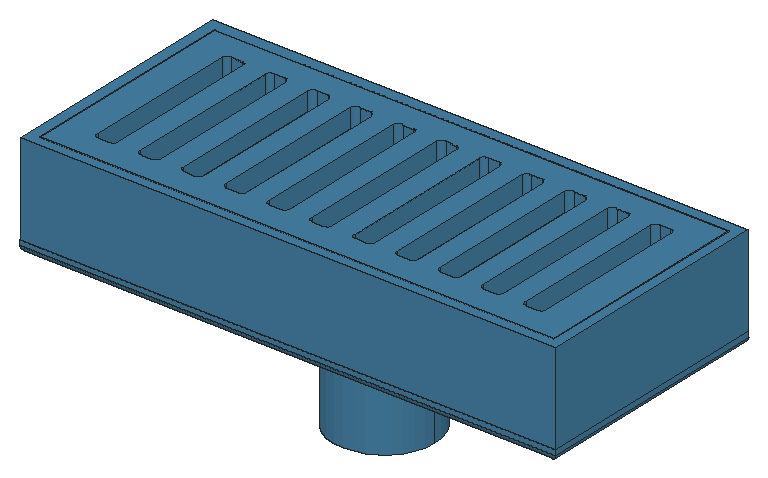
Revit family "Drain_Gutter_Zurn-Z575-Medium-Duty", category Plumbing Fixtures, Revit 2022
Family settings
  Round Connector Dimension = Use Radius
  Part Type = Normal
  OmniClass Number = 23.70.50.21.24.14
  OmniClass Title = Deck Waste Water Drains
  Work Plane-Based = No
  Always vertical = Yes
  Cut with Voids When Loaded = No
  Maintain Annotation Orientation = No
  Shared = No
  Room Calculation Point = No
Parameters (values of type "Laod Family Catalog")
  ZB/ZN Top = no
  ZB/ZN = 0.000"
  Z1040-Adaptor Height = 0.000"
  Waste Connection = 1 = 1  # yes
  WFU = 1  # constant formula
  Vent Connection = 1 = 0  # no
  URL = "www.zurn.com"
  Type Comments = ""
  Thread length = 0.000"
  Product data url = "https://www.bimobject.com/en-in/zurnindustries/product/z575"
  Product Page URL = "https://www.zurn.com/products/drainage-interceptors/floor-drains/area-drains/z575"
  Product Documentation Link = "https://files.zurn.com/spec-sheets/58956.pdf"
  A_ Pipe Size (Nominal Radius) = [A_ Pipe Size (Nominal Diameter)] / 2  # 1.000"
  A_ Pipe Size (Nominal Diameter) = 2.000"
  A_ Pipe Size (Inner Diameter) = 2.067"
  A_ Pipe Size (Outer Diameter) = 2.375"
  Modified Date = "11/20/25"  # constant formula
  Model = "Z575"  # constant formula
  Manufacurer Brand = "Zurn"  # constant formula
  Manufacturer = "Zurn Water, LLC"  # constant formula
  Main Material = Iron - Zurn - Cast - Painted - Blue
  HWFU = 0  # constant formula
  HW Connection = 1 = 0  # no
  Grate Open Area (Sq. In.) = 24.00 SF
  Grate Material = Iron - Zurn - Cast - Painted - Blue
  Description = "6 X 12 [152 X 305] MEDIUM-DUTY GUTTER DRAIN"  # constant formula
  Default Elevation = 2.000"  # constant formula
  Date Created = "03/15/2023"  # constant formula
  CWFU = 0  # constant formula
  CW Connection = 1 = 0  # no
  Body Height 'E' = 5.000"
  Assembly Code = "D2030300"
  Approx. Weight (Lbs) = 18.000"
  Actual Body Height 'E' = Body Height 'E' + [ZB/ZN] + [Z1040-Adaptor Height] - Thread length  # 5.000"
Reference planes (in)
  plane 1 "Center (Front/Back)": y = 0
  plane 2: z = 0
  plane 3 "Center (Left/Right)": x = 0
  plane 4: y = 2.8125
  plane 5: y = -2.8125
  plane 6: x = 6
  plane 7: x = -6
  plane 8: z = -5
  plane 9: y = 2.5625
  plane 10: y = -2.5625
  plane 11: z = 0
  plane 12 "bottom outlet": x = 6.25
  plane 13: x = -6.25
  plane 14: z = -2.625
  plane 15: x = -1.1875
  plane 16: x = 1.1875
  plane 17: y = 1.1875
  plane 18: y = -1.1875
  plane 19: z = -2.125
  plane 20: z = 0
  plane 21: z = -0.1875
Forms (in)
  Extrusion 1, solid, material "Iron - Zurn - Cast - Painted - Blue" <- "Main Material", detail levels fine
    sketch origin (0, 0, 0) x (1, 0, 0) y (0, 1, 0)
      loop
        line (-6, 2.5625) -> (-6, -2.5625) -> (6, -2.5625) -> (6, 2.5625) -> (-6, 2.5625)
      loop
        line (-6.25, 2.8125) -> (-6.25, -2.8125) -> (6.25, -2.8125) -> (6.25, 2.8125) -> (-6.25, 2.8125)
    from 0 to -2.125
  Extrusion 2, solid, material "Iron - Zurn - Cast - Painted - Blue" <- "Main Material", detail levels fine
    sketch origin (0, 0, 0) x (1, 0, 0) y (0, 1, 0)
      loop
        circle (0, 0) r 1.1875
      loop
        circle (0, 0) r 1.0335
    from -5 to -2.125
  Extrusion 3, solid, material "Iron - Zurn - Cast - Painted - Blue" <- "Main Material", detail levels fine
    sketch origin (0, 0, 0) x (1, 0, 0) y (0, 1, 0)
      loop
        line (-6.25, 2.8125) -> (-6.25, -2.8125) -> (6.25, -2.8125) -> (6.25, 2.8125) -> (-6.25, 2.8125)
      loop
        circle (0, 0) r 1.0335
    from -2.625 to -2.125
  Sweep 4, void
    path in 3D
      loop
        line (-6.25, 2.8125, 0) -> (-6.25, -2.8125, 0) -> (6.25, -2.8125, 0) -> (6.25, 2.8125, 0) -> (-6.25, 2.8125, 0)
    profile origin (0, 2.8125, 0) x (0, -1, 0) y (0, 0, 1)
      loop
        line (0, -2.625) -> (1, -2.625) -> (0.1085525, -2.3861374)
        arc (0.1085525, -2.3861374) -> (0.0304603, -2.3370589) -> (0, -2.25) r 0.1396422
        line (0, -2.25) -> (0, -2.625)
  Extrusion 5, solid, material "Iron - Zurn - Cast - Painted - Blue" <- "Grate Material", visible <- "ZB/ZN Top", detail levels fine
    sketch origin (0, 0, 0) x (1, 0, 0) y (0, 1, 0)
      loop
        line (-6.25, 2.8125) -> (-6.25, -2.8125) -> (6.25, -2.8125) -> (6.25, 2.8125) -> (-6.25, 2.8125)
      loop
        line (-6, 2.5625) -> (-6, -2.5625) -> (6, -2.5625) -> (6, 2.5625) -> (-6, 2.5625)
    from -0.1875 to 0
Cuts and joins
  Sweep 4 cuts Extrusion 3
Lines and regions (in)
  Masking region 1, detail levels fine
    outline origin (0, 0, 0) x (1, 0, 0) y (0, 1, 0)
      loop
        line (-6.25, 2.8125) -> (-6.25, -2.8125) -> (6.25, -2.8125) -> (6.25, 2.8125) -> (-6.25, 2.8125)
  model lines, detail levels coarse+medium
    curve 1: line (-1.1875, 0, -5) -> (1.1875, 0, -5)
    curve 2: line (0, 0, 0) -> (0, 0, -5)
    curve 3: line (-6, 2.5625, 0) -> (6, 2.5625, 0)
    curve 4: line (-6, -2.5625, 0) -> (-6, 2.5625, 0)
    curve 5: line (6, -2.5625, 0) -> (-6, -2.5625, 0)
    curve 6: line (6, 2.5625, 0) -> (6, -2.5625, 0)
    curve 7: line (0, 1.1875, -5) -> (0, -1.1875, -5)
    curve 8: line (-4.5, 2.5625, 0) -> (-4.5, -2.5625, 0)
    curve 9: line (-3, -2.5625, 0) -> (-3, 2.5625, 0)
    curve 10: line (-1.5, 2.5625, 0) -> (-1.5, -2.5625, 0)
    curve 11: line (1.5, -2.5625, 0) -> (1.5, 2.5625, 0)
    curve 12: line (3, 2.5625, 0) -> (3, -2.5625, 0)
    curve 13: line (4.5, -2.5625, 0) -> (4.5, 2.5625, 0)
    curve 14: line (0, 2.5625, 0) -> (0, -2.5625, 0)
    curve 15: line (-6.25, 2.8125, 0) -> (6.25, 2.8125, 0)
    curve 16: line (-6.25, -2.8125, 0) -> (-6.25, 2.8125, 0)
    curve 17: line (6.25, -2.8125, 0) -> (-6.25, -2.8125, 0)
    curve 18: line (6.25, 2.8125, 0) -> (6.25, -2.8125, 0)
  symbolic lines, detail levels coarse+medium
    curve 19: line (-6, 2.5625, 0) -> (6, 2.5625, 0)
    curve 20: line (-6, -2.5625, 0) -> (-6, 2.5625, 0)
    curve 21: line (6, -2.5625, 0) -> (-6, -2.5625, 0)
    curve 22: line (6, 2.5625, 0) -> (6, -2.5625, 0)
  sketch lines
    curve 23: line (6.25, 2.8125, 0) -> (-6.25, 2.8125, 0)
    curve 24: line (-6.25, 2.8125, 0) -> (-6.25, -2.8125, 0)
    curve 25: line (-6.25, -2.8125, 0) -> (6.25, -2.8125, 0)
    curve 26: line (6.25, -2.8125, 0) -> (6.25, 2.8125, 0)
Dimensions and locks (in)
  locked: plane 13 to plane 7 at 0.25
  plane 6 to plane 12 "bottom outlet" = 0.250"
  locked: plane 9 to plane 4 at 0.25
  locked: plane 5 to plane 10 at 0.25
  "Actual Body Height 'E'": level to plane 8
  level to plane 8 = 5.000"
  equal spacing: plane 15, plane 3 "Center (Left/Right)", plane 16
  "A_ Pipe Size (Outer Diameter)": plane 15 to plane 16
  equal spacing: plane 17, plane 1 "Center (Front/Back)", plane 18
  "A_ Pipe Size (Outer Diameter)": plane 17 to plane 18
  equal spacing: plane 7, curve 8, curve 9, curve 10, curve 14, curve 11, curve 12, curve 13, plane 6
  plane 13 to plane 12 "bottom outlet" = 12.500"
  equal spacing: plane 13, plane 3 "Center (Left/Right)", plane 12 "bottom outlet", locked at 6.25 each
  equal spacing: plane 5, plane 1 "Center (Front/Back)", plane 4
  locked: plane 5 to plane 4 at 5.625
  locked: plane 6 to plane 12 "bottom outlet" at 0.25
  locked: plane 19 to plane 14 at 0.5
  locked: plane 4 to Sweep 4 sketch curve at 1
  locked: plane 14 to Sweep 4 sketch curve at 0.375
  locked: plane 11 to plane 14 at 2.625
  locked: level to plane 21 at 0.1875
  "ZB/ZN": level to plane 11
  "A_ Pipe Size (Outer Diameter)": diameter of Extrusion 2 sketch curve
  "A_ Pipe Size (Inner Diameter)": diameter of Extrusion 2 sketch curve
  radius of Sweep 4 sketch curve = 0.13964"
  "A_ Pipe Size (Inner Diameter)": diameter of Extrusion 3 sketch curve
  angle Extrusion 3 to Sweep 4 sketch curve = 165.00°
  aligned and locked: plane 2 to level
  aligned and locked: plane 9 to Extrusion 1 sketch curve
  aligned and locked: plane 7 to Extrusion 1 sketch curve
  aligned and locked: Extrusion 1 sketch curve to plane 10
  aligned and locked: Extrusion 1 sketch curve to plane 6
  aligned and locked: plane 4 to Extrusion 1 sketch curve
  aligned and locked: Extrusion 1 sketch curve to plane 12 "bottom outlet"
  aligned and locked: Extrusion 1 sketch curve to plane 5
  aligned and locked: plane 13 to Extrusion 1 sketch curve
  aligned and locked: plane 3 "Center (Left/Right)" to Extrusion 2 sketch curve  (x2)
  aligned and locked: plane 1 "Center (Front/Back)" to Extrusion 2 sketch curve  (x2)
  aligned and locked: Extrusion 2 to plane 8
  aligned and locked: curve 1 to plane 15
  aligned and locked: plane 16 to curve 1
  aligned and locked: curve 1 to plane 8
  aligned and locked: plane 8 to curve 2
  aligned and locked: level to curve 2
  aligned and locked: curve 2 to plane 3 "Center (Left/Right)"
  aligned and locked: plane 7 to curve 4
  aligned and locked: curve 6 to plane 6
  aligned and locked: curve 5 to plane 10
  aligned and locked: plane 9 to curve 3
  aligned and locked: plane 17 to curve 7
  aligned and locked: curve 7 to plane 18
  aligned and locked: curve 7 to plane 8
  aligned and locked: plane 9 to curve 8
  aligned and locked: plane 10 to curve 12
  aligned and locked: curve 18 to plane 12 "bottom outlet"
  aligned and locked: curve 17 to plane 5
  aligned and locked: plane 4 to curve 15
  aligned and locked: plane 13 to curve 16
  aligned and locked: level to nested 1
  aligned and locked: plane 1 "Center (Front/Back)" to nested 1
  aligned and locked: plane 3 "Center (Left/Right)" to nested 1
  aligned and locked: plane 4 to Extrusion 3 sketch curve
  aligned and locked: plane 13 to Extrusion 3 sketch curve
  aligned and locked: Extrusion 3 sketch curve to plane 12 "bottom outlet"
  aligned and locked: Extrusion 3 sketch curve to plane 5
  aligned and locked: plane 19 to Extrusion 3
  aligned and locked: Extrusion 1 to plane 19
  aligned and locked: plane 4 to Sweep 4 sketch curve
  aligned and locked: plane 14 to Sweep 4 sketch curve
  aligned and locked: plane 14 to Extrusion 3
  aligned and locked: plane 13 to Extrusion 5 sketch curve
  aligned and locked: Extrusion 5 sketch curve to plane 12 "bottom outlet"
  aligned and locked: plane 4 to Extrusion 5 sketch curve
  aligned and locked: Extrusion 5 sketch curve to plane 5
  aligned and locked: Extrusion 5 sketch curve to plane 10
  aligned and locked: Extrusion 5 sketch curve to plane 6
  aligned and locked: plane 9 to Extrusion 5 sketch curve
  aligned and locked: plane 7 to Extrusion 5 sketch curve
  aligned and locked: plane 20 to Extrusion 5
  aligned and locked: Extrusion 2 to Extrusion 1
  aligned and locked: plane 3 "Center (Left/Right)" to Extrusion 3 sketch curve
  aligned and locked: plane 1 "Center (Front/Back)" to Extrusion 3 sketch curve
  aligned and locked: level to Extrusion 5
  aligned and locked: Extrusion 5 to plane 21
  aligned and locked: plane 11 to Extrusion 1
  aligned and locked: Masking region 1 sketch curve to plane 12 "bottom outlet"
  aligned and locked: plane 13 to Masking region 1 sketch curve
  aligned and locked: plane 4 to Masking region 1 sketch curve
  aligned and locked: Masking region 1 sketch curve to plane 5
Nested families (in)
  nested 1: "Z575-Grate" at (0, 0, 0), Main Material <- "Grate Material", type "Z664-2IC", detail levels fine
    with Main Material Iron - Zurn - Cast - Painted - Blue
Connectors (in)
  piping at (0, 0, -5), diameter 2, driven by "A_ Pipe Size (Nominal Radius)", driven by "Waste Connection"
    settings: on Extrusion 2, index 1, connector inside diameter 24", connector length 0.000", flow factor 0, pipe flow 0 GPM, pressure drop 0.00 psi, fitting loss kfactor 0, connector angle 0.00°, fixture units 0, engagement length 0.000", angle of deflection 0.00°, flow configuration 0, flow direction 2, fitting loss method 0, system type 16, joint type 0, gender type 0, connector reference index -1, connector utility 1, adjustable connector no, is connector primary yes, connector description "Sanitary Outlet"
Definition of nested family "Z575-Grate"
  Parameters (values of type "Z664-4IC")
    Waste Connection = 1 = 1  # yes
    WFU = 1  # constant formula
    Vent Connection = 1 = 0  # no
    URL = "www.zurn.com"
    Product data url = "https://www.zurn.com/products/drainage-interceptors/floor-drains/cast-iron-trench-drains/z664"
    Product Page URL = "https://www.zurn.com/products/drainage-interceptors/floor-drains/cast-iron-trench-drains/z664"
    Product Installation Sheet URL = "https://files.zurn.com/care-cleaning-install-warranty-sheets/fd22-(1).pdf"
    Product Documentation Link = "https://files.zurn.com/spec-sheets/z664.pdf"
    Outlet nominal radius = Outlet nominal diameter / 2  # 2.000"
    Outlet nominal diameter = 4.000"
    Outlet minnor diameter = 4.026"
    Outlet major diameter = 4.500"
    Modified Date = "07/28/25"  # constant formula
    Model = "Z664"  # constant formula
    Manufacurer Brand = "Zurn"  # constant formula
    Manufacturer = "Zurn Water, LLC"  # constant formula
    Main Material [instance] = none
    HWFU = 0  # constant formula
    HW Connection = 1 = 0  # no
    Grate Open Area (Sq. In.) = 14.00 SF
    Description = "6 [152] WIDE MODULAR TRENCH DRAIN HEAVY-DUTY"  # constant formula
    Default Elevation = 2.000"  # constant formula
    Date Created = "21/01/16"  # constant formula
    CWFU = 0  # constant formula
    CW Connection = 1 = 0  # no
    Body Height 'E" = 9.125"
    Assembly Code = "D2020.30"
    Approx. Weight (Lbs) = 35.000"
  Types (3): name | Outlet nominal radius | Outlet nominal diameter | Outlet minnor diameter | Outlet major diameter | Grate Open Area (Sq. In.)
    Z664-2IC | 1.000" | 2.000" | 2.067" | 2.375" | 0.00 SF
    Z664-3IC | 1.500" | 3.000" | 3.068" | 3.500" | 0.00 SF
    Z664-4IC | 2.000" | 4.000" | 4.026" | 4.500" | 14.00 SF
  Reference planes (in)
    plane 1 "Center (Front/Back)": y = 0
    plane 2: z = 0
    plane 3 "Center (Left/Right)": x = 0
    plane 4: x = 6
    plane 5: x = -6
    plane 6: y = 2.5625
    plane 7: y = -2.5625
    plane 8: z = -0.4375
    plane 9: z = 0
    plane 10: y = 1.9375
    plane 11: y = -1.9375
  Forms (in)
    Extrusion 1, solid, material <- "Main Material"
      sketch origin (0, 0, 0) x (1, 0, 0) y (0, 1, 0)
        loop
          line (-6, 2.5625) -> (-6, -2.5625) -> (6, -2.5625) -> (6, 2.5625) -> (-6, 2.5625)
      from 0 to -0.4375
    Extrusion 2, void
      sketch origin (0, 0, 0) x (1, 0, 0) y (0, 1, 0)
        loop
          arc (-5.125, 1.9375) -> (-5.2133883, 1.9008883) -> (-5.25, 1.8125) r 0.125
          line (-5.25, 1.8125) -> (-5.25, -1.8125)
          arc (-5.25, -1.8125) -> (-5.2133883, -1.9008883) -> (-5.125, -1.9375) r 0.125
          line (-5.125, -1.9375) -> (-4.875, -1.9375)
          arc (-4.875, -1.9375) -> (-4.7866117, -1.9008883) -> (-4.75, -1.8125) r 0.125
          line (-4.75, -1.8125) -> (-4.75, 1.8125)
          arc (-4.75, 1.8125) -> (-4.7866117, 1.9008883) -> (-4.875, 1.9375) r 0.125
          line (-4.875, 1.9375) -> (-5.125, 1.9375)
      from 0 to -0.4375
    Extrusion 3, void
      sketch origin (1, 0, 0) x (1, 0, 0) y (0, 1, 0)
        loop
          arc (-5.125, 1.9375) -> (-5.2133883, 1.9008883) -> (-5.25, 1.8125) r 0.125
          line (-5.25, 1.8125) -> (-5.25, -1.8125)
          arc (-5.25, -1.8125) -> (-5.2133883, -1.9008883) -> (-5.125, -1.9375) r 0.125
          line (-5.125, -1.9375) -> (-4.875, -1.9375)
          arc (-4.875, -1.9375) -> (-4.7866117, -1.9008883) -> (-4.75, -1.8125) r 0.125
          line (-4.75, -1.8125) -> (-4.75, 1.8125)
          arc (-4.75, 1.8125) -> (-4.7866117, 1.9008883) -> (-4.875, 1.9375) r 0.125
          line (-4.875, 1.9375) -> (-5.125, 1.9375)
      from 0 to -0.4375
    Extrusion 4, void
      sketch origin (2, 0, 0) x (1, 0, 0) y (0, 1, 0)
        loop
          arc (-5.125, 1.9375) -> (-5.2133883, 1.9008883) -> (-5.25, 1.8125) r 0.125
          line (-5.25, 1.8125) -> (-5.25, -1.8125)
          arc (-5.25, -1.8125) -> (-5.2133883, -1.9008883) -> (-5.125, -1.9375) r 0.125
          line (-5.125, -1.9375) -> (-4.875, -1.9375)
          arc (-4.875, -1.9375) -> (-4.7866117, -1.9008883) -> (-4.75, -1.8125) r 0.125
          line (-4.75, -1.8125) -> (-4.75, 1.8125)
          arc (-4.75, 1.8125) -> (-4.7866117, 1.9008883) -> (-4.875, 1.9375) r 0.125
          line (-4.875, 1.9375) -> (-5.125, 1.9375)
      from 0 to -0.4375
    Extrusion 5, void
      sketch origin (3, 0, 0) x (1, 0, 0) y (0, 1, 0)
        loop
          arc (-5.125, 1.9375) -> (-5.2133883, 1.9008883) -> (-5.25, 1.8125) r 0.125
          line (-5.25, 1.8125) -> (-5.25, -1.8125)
          arc (-5.25, -1.8125) -> (-5.2133883, -1.9008883) -> (-5.125, -1.9375) r 0.125
          line (-5.125, -1.9375) -> (-4.875, -1.9375)
          arc (-4.875, -1.9375) -> (-4.7866117, -1.9008883) -> (-4.75, -1.8125) r 0.125
          line (-4.75, -1.8125) -> (-4.75, 1.8125)
          arc (-4.75, 1.8125) -> (-4.7866117, 1.9008883) -> (-4.875, 1.9375) r 0.125
          line (-4.875, 1.9375) -> (-5.125, 1.9375)
      from 0 to -0.4375
    Extrusion 6, void
      sketch origin (4, 0, 0) x (1, 0, 0) y (0, 1, 0)
        loop
          arc (-5.125, 1.9375) -> (-5.2133883, 1.9008883) -> (-5.25, 1.8125) r 0.125
          line (-5.25, 1.8125) -> (-5.25, -1.8125)
          arc (-5.25, -1.8125) -> (-5.2133883, -1.9008883) -> (-5.125, -1.9375) r 0.125
          line (-5.125, -1.9375) -> (-4.875, -1.9375)
          arc (-4.875, -1.9375) -> (-4.7866117, -1.9008883) -> (-4.75, -1.8125) r 0.125
          line (-4.75, -1.8125) -> (-4.75, 1.8125)
          arc (-4.75, 1.8125) -> (-4.7866117, 1.9008883) -> (-4.875, 1.9375) r 0.125
          line (-4.875, 1.9375) -> (-5.125, 1.9375)
      from 0 to -0.4375
    Extrusion 7, void
      sketch origin (5, 0, 0) x (1, 0, 0) y (0, 1, 0)
        loop
          arc (-5.125, 1.9375) -> (-5.2133883, 1.9008883) -> (-5.25, 1.8125) r 0.125
          line (-5.25, 1.8125) -> (-5.25, -1.8125)
          arc (-5.25, -1.8125) -> (-5.2133883, -1.9008883) -> (-5.125, -1.9375) r 0.125
          line (-5.125, -1.9375) -> (-4.875, -1.9375)
          arc (-4.875, -1.9375) -> (-4.7866117, -1.9008883) -> (-4.75, -1.8125) r 0.125
          line (-4.75, -1.8125) -> (-4.75, 1.8125)
          arc (-4.75, 1.8125) -> (-4.7866117, 1.9008883) -> (-4.875, 1.9375) r 0.125
          line (-4.875, 1.9375) -> (-5.125, 1.9375)
      from 0 to -0.4375
    Extrusion 8, void
      sketch origin (6, 0, 0) x (1, 0, 0) y (0, 1, 0)
        loop
          arc (-5.125, 1.9375) -> (-5.2133883, 1.9008883) -> (-5.25, 1.8125) r 0.125
          line (-5.25, 1.8125) -> (-5.25, -1.8125)
          arc (-5.25, -1.8125) -> (-5.2133883, -1.9008883) -> (-5.125, -1.9375) r 0.125
          line (-5.125, -1.9375) -> (-4.875, -1.9375)
          arc (-4.875, -1.9375) -> (-4.7866117, -1.9008883) -> (-4.75, -1.8125) r 0.125
          line (-4.75, -1.8125) -> (-4.75, 1.8125)
          arc (-4.75, 1.8125) -> (-4.7866117, 1.9008883) -> (-4.875, 1.9375) r 0.125
          line (-4.875, 1.9375) -> (-5.125, 1.9375)
      from 0 to -0.4375
    Extrusion 9, void
      sketch origin (7, 0, 0) x (1, 0, 0) y (0, 1, 0)
        loop
          arc (-5.125, 1.9375) -> (-5.2133883, 1.9008883) -> (-5.25, 1.8125) r 0.125
          line (-5.25, 1.8125) -> (-5.25, -1.8125)
          arc (-5.25, -1.8125) -> (-5.2133883, -1.9008883) -> (-5.125, -1.9375) r 0.125
          line (-5.125, -1.9375) -> (-4.875, -1.9375)
          arc (-4.875, -1.9375) -> (-4.7866117, -1.9008883) -> (-4.75, -1.8125) r 0.125
          line (-4.75, -1.8125) -> (-4.75, 1.8125)
          arc (-4.75, 1.8125) -> (-4.7866117, 1.9008883) -> (-4.875, 1.9375) r 0.125
          line (-4.875, 1.9375) -> (-5.125, 1.9375)
      from 0 to -0.4375
    Extrusion 10, void
      sketch origin (8, 0, 0) x (1, 0, 0) y (0, 1, 0)
        loop
          arc (-5.125, 1.9375) -> (-5.2133883, 1.9008883) -> (-5.25, 1.8125) r 0.125
          line (-5.25, 1.8125) -> (-5.25, -1.8125)
          arc (-5.25, -1.8125) -> (-5.2133883, -1.9008883) -> (-5.125, -1.9375) r 0.125
          line (-5.125, -1.9375) -> (-4.875, -1.9375)
          arc (-4.875, -1.9375) -> (-4.7866117, -1.9008883) -> (-4.75, -1.8125) r 0.125
          line (-4.75, -1.8125) -> (-4.75, 1.8125)
          arc (-4.75, 1.8125) -> (-4.7866117, 1.9008883) -> (-4.875, 1.9375) r 0.125
          line (-4.875, 1.9375) -> (-5.125, 1.9375)
      from 0 to -0.4375
    Extrusion 11, void
      sketch origin (9, 0, 0) x (1, 0, 0) y (0, 1, 0)
        loop
          arc (-5.125, 1.9375) -> (-5.2133883, 1.9008883) -> (-5.25, 1.8125) r 0.125
          line (-5.25, 1.8125) -> (-5.25, -1.8125)
          arc (-5.25, -1.8125) -> (-5.2133883, -1.9008883) -> (-5.125, -1.9375) r 0.125
          line (-5.125, -1.9375) -> (-4.875, -1.9375)
          arc (-4.875, -1.9375) -> (-4.7866117, -1.9008883) -> (-4.75, -1.8125) r 0.125
          line (-4.75, -1.8125) -> (-4.75, 1.8125)
          arc (-4.75, 1.8125) -> (-4.7866117, 1.9008883) -> (-4.875, 1.9375) r 0.125
          line (-4.875, 1.9375) -> (-5.125, 1.9375)
      from 0 to -0.4375
    Extrusion 12, void
      sketch origin (10, 0, 0) x (1, 0, 0) y (0, 1, 0)
        loop
          arc (-5.125, 1.9375) -> (-5.2133883, 1.9008883) -> (-5.25, 1.8125) r 0.125
          line (-5.25, 1.8125) -> (-5.25, -1.8125)
          arc (-5.25, -1.8125) -> (-5.2133883, -1.9008883) -> (-5.125, -1.9375) r 0.125
          line (-5.125, -1.9375) -> (-4.875, -1.9375)
          arc (-4.875, -1.9375) -> (-4.7866117, -1.9008883) -> (-4.75, -1.8125) r 0.125
          line (-4.75, -1.8125) -> (-4.75, 1.8125)
          arc (-4.75, 1.8125) -> (-4.7866117, 1.9008883) -> (-4.875, 1.9375) r 0.125
          line (-4.875, 1.9375) -> (-5.125, 1.9375)
      from 0 to -0.4375
  Cuts and joins
    Extrusion 2, Extrusion 3, Extrusion 4, Extrusion 5, Extrusion 6, Extrusion 7, Extrusion 8, Extrusion 9, Extrusion 10, Extrusion 11, Extrusion 12 cuts Extrusion 1
  Dimensions and locks (in)
    locked: plane 5 to plane 4 at 12
    equal spacing: plane 5, plane 3 "Center (Left/Right)", plane 4, locked at 6 each
    locked: level to plane 8 at 0.4375
    locked: Extrusion 2 sketch curve to Extrusion 2 sketch curve at 0.5
    locked: Extrusion 3 sketch curve to Extrusion 3 sketch curve at 0.5
    equal spacing: group 1, group 2, group 3, group 4, group 5, group 6, group 7, group 8, group 9, group 10, group 11  (x3)
    locked: Extrusion 4 sketch curve to Extrusion 4 sketch curve at 0.5
    locked: Extrusion 5 sketch curve to Extrusion 5 sketch curve at 0.5
    locked: Extrusion 6 sketch curve to Extrusion 6 sketch curve at 0.5
    locked: Extrusion 7 sketch curve to Extrusion 7 sketch curve at 0.5
    locked: Extrusion 8 sketch curve to Extrusion 8 sketch curve at 0.5
    locked: Extrusion 9 sketch curve to Extrusion 9 sketch curve at 0.5
    locked: Extrusion 10 sketch curve to Extrusion 10 sketch curve at 0.5
    locked: Extrusion 11 sketch curve to Extrusion 11 sketch curve at 0.5
    locked: Extrusion 12 sketch curve to Extrusion 12 sketch curve at 0.5
    locked: plane 7 to plane 6 at 5.125
    equal spacing: plane 7, plane 1 "Center (Front/Back)", plane 6
    aligned and locked: plane 2 to level
    aligned and locked: plane 6 to Extrusion 1 sketch curve
    aligned and locked: plane 5 to Extrusion 1 sketch curve
    aligned and locked: Extrusion 1 sketch curve to plane 7
    aligned and locked: Extrusion 1 sketch curve to plane 4
    aligned and locked: level to Extrusion 1
    aligned and locked: Extrusion 1 to plane 8
    aligned and locked: Extrusion 2 to plane 8
  Automatic sketch dimensions
    Extrusion 2 sketch curve to Extrusion 2 sketch curve = 0.125"  (x4)
    Extrusion 2 sketch curve to Extrusion 2 sketch curve = 3.625"
    Extrusion 3 sketch curve to Extrusion 3 sketch curve = 0.125"  (x4)
    Extrusion 3 sketch curve to Extrusion 3 sketch curve = 3.625"
    Extrusion 4 sketch curve to Extrusion 4 sketch curve = 0.125"  (x4)
    Extrusion 4 sketch curve to Extrusion 4 sketch curve = 3.625"
    Extrusion 5 sketch curve to Extrusion 5 sketch curve = 0.125"  (x4)
    Extrusion 5 sketch curve to Extrusion 5 sketch curve = 3.625"
    Extrusion 6 sketch curve to Extrusion 6 sketch curve = 0.125"  (x4)
    Extrusion 6 sketch curve to Extrusion 6 sketch curve = 3.625"
    Extrusion 7 sketch curve to Extrusion 7 sketch curve = 0.125"  (x4)
    Extrusion 7 sketch curve to Extrusion 7 sketch curve = 3.625"
    Extrusion 8 sketch curve to Extrusion 8 sketch curve = 0.125"  (x4)
    Extrusion 8 sketch curve to Extrusion 8 sketch curve = 3.625"
    Extrusion 9 sketch curve to Extrusion 9 sketch curve = 0.125"  (x4)
    Extrusion 9 sketch curve to Extrusion 9 sketch curve = 3.625"
    Extrusion 10 sketch curve to Extrusion 10 sketch curve = 0.125"  (x4)
    Extrusion 10 sketch curve to Extrusion 10 sketch curve = 3.625"
    Extrusion 11 sketch curve to Extrusion 11 sketch curve = 0.125"  (x4)
    Extrusion 11 sketch curve to Extrusion 11 sketch curve = 3.625"
    Extrusion 12 sketch curve to Extrusion 12 sketch curve = 0.125"  (x4)
    Extrusion 12 sketch curve to Extrusion 12 sketch curve = 3.625"
Types in the file's own list only (36): name | ZB/ZN Top | ZB/ZN | Z1040-Adaptor Height | Type Comments | Thread length | A_ Pipe Size (Nominal Radius) | A_ Pipe Size (Nominal Diameter) | A_ Pipe Size (Inner Diameter) | A_ Pipe Size (Outer Diameter) | Grate Material | Default Elevation | Body Height 'E' | Approx. Weight (Lbs) | Actual Body Height 'E'
  Z575-2IC | No | 0.000 " | 0.000 " | "Z575 2 Inch Inside Caulk Outlet" | 0.000 " | 1.000 " | 2.000 " | 2.067 " | 2.375 " | Iron - Zurn - Cast - Painted - Blue | 2.000 " | 5.000 " | 18.000 " | 5.000 "
  Z575-3IC | No | 0.000 " | 0.000 " | "Z575 3 Inch Inside Caulk Outlet" | 0.000 " | 1.500 " | 3.000 " | 3.068 " | 3.500 " | Iron - Zurn - Cast - Painted - Blue | 2.000 " | 5.000 " | 18.000 " | 5.000 "
  Z575-4IC | No | 0.000 " | 0.000 " | "Z575 4 Inch Inside Caulk Outlet" | 0.000 " | 2.000 " | 4.000 " | 4.026 " | 4.500 " | Iron - Zurn - Cast - Painted - Blue | 2.000 " | 5.000 " | 18.000 " | 5.000 "
  ZB575-2IC | Yes | 0.188 " | 0.000 " | "ZB575 2 Inch Inside Caulk Outlet" | 0.000 " | 1.000 " | 2.000 " | 2.067 " | 2.375 " | Bronze - Zurn - Polished | 2.000 " | 5.000 " | 18.000 " | 5.188 "
  ZB575-3IC | Yes | 0.188 " | 0.000 " | "ZB575 3 Inch Inside Caulk Outlet" | 0.000 " | 1.500 " | 3.000 " | 3.068 " | 3.500 " | Bronze - Zurn - Polished | 2.000 " | 5.000 " | 18.000 " | 5.188 "
  ZB575-4IC | Yes | 0.188 " | 0.000 " | "ZB575 4 Inch Inside Caulk Outlet" | 0.000 " | 2.000 " | 4.000 " | 4.026 " | 4.500 " | Bronze - Zurn - Polished | 2.000 " | 5.000 " | 18.000 " | 5.188 "
  ZN575-2IC | Yes | 0.188 " | 0.000 " | "ZN575 2 Inch Inside Caulk Outlet" | 0.000 " | 1.000 " | 2.000 " | 2.067 " | 2.375 " | Bronze - Zurn - Polished Nickel | 2.000 " | 5.000 " | 18.000 " | 5.188 "
  ZN575-3IC | Yes | 0.188 " | 0.000 " | "ZN575 3 Inch Inside Caulk Outlet" | 0.000 " | 1.500 " | 3.000 " | 3.068 " | 3.500 " | Bronze - Zurn - Polished Nickel | 2.000 " | 5.000 " | 18.000 " | 5.188 "
  ZN575-4IC | Yes | 0.188 " | 0.000 " | "ZN575 4 Inch Inside Caulk Outlet" | 0.000 " | 2.000 " | 4.000 " | 4.026 " | 4.500 " | Bronze - Zurn - Polished Nickel | 2.000 " | 5.000 " | 18.000 " | 5.188 "
  Z575-2IP | No | 0.000 " | 0.000 " | "Z575 2 Inch Threaded Outlet" | 0.000 " | 1.000 " | 2.000 " | 2.067 " | 2.375 " | Iron - Zurn - Cast - Painted - Blue | 2.000 " | 3.625 " | 18.000 " | 3.625 "
  Z575-3IP | No | 0.000 " | 0.000 " | "Z575 3 Inch Threaded Outlet" | 0.000 " | 1.500 " | 3.000 " | 3.068 " | 3.500 " | Iron - Zurn - Cast - Painted - Blue | 2.000 " | 3.625 " | 18.000 " | 3.625 "
  Z575-4IP | No | 0.000 " | 0.000 " | "Z575 4 Inch Threaded Outlet" | 0.000 " | 2.000 " | 4.000 " | 4.026 " | 4.500 " | Iron - Zurn - Cast - Painted - Blue | 2.000 " | 3.625 " | 18.000 " | 3.625 "
  ZB575-2IP | Yes | 0.188 " | 0.000 " | "ZB575 2 Inch Threaded Outlet" | 0.000 " | 1.000 " | 2.000 " | 2.067 " | 2.375 " | Bronze - Zurn - Polished | 2.000 " | 3.625 " | 18.000 " | 3.813 "
  ZB575-3IP | Yes | 0.188 " | 0.000 " | "ZB575 3 Inch Threaded Outlet" | 0.000 " | 1.500 " | 3.000 " | 3.068 " | 3.500 " | Bronze - Zurn - Polished | 2.000 " | 3.625 " | 18.000 " | 3.813 "
  ZB575-4IP | Yes | 0.188 " | 0.000 " | "ZB575 4 Inch Threaded Outlet" | 0.000 " | 2.000 " | 4.000 " | 4.026 " | 4.500 " | Bronze - Zurn - Polished | 2.000 " | 3.625 " | 18.000 " | 3.813 "
  ZN575-2IP | Yes | 0.188 " | 0.000 " | "ZN575 2 Inch Threaded Outlet" | 0.000 " | 1.000 " | 2.000 " | 2.067 " | 2.375 " | Bronze - Zurn - Polished Nickel | 2.000 " | 3.625 " | 18.000 " | 3.813 "
  ZN575-3IP | Yes | 0.188 " | 0.000 " | "ZN575 3 Inch Threaded Outlet" | 0.000 " | 1.500 " | 3.000 " | 3.068 " | 3.500 " | Bronze - Zurn - Polished Nickel | 2.000 " | 3.625 " | 18.000 " | 3.813 "
  ZN575-4IP | Yes | 0.188 " | 0.000 " | "ZN575 4 Inch Threaded Outlet" | 0.000 " | 2.000 " | 4.000 " | 4.026 " | 4.500 " | Bronze - Zurn - Polished Nickel | 2.000 " | 3.625 " | 18.000 " | 3.813 "
  Z575-2NH | No | 0.000 " | 3.500 " | "Z575 2 Inch No-Hub Outlet (IP w//Z1040)" | 0.750 " | 1.000 " | 2.000 " | 2.067 " | 2.375 " | Iron - Zurn - Cast - Painted - Blue | 2.000 " | 3.625 " | 18.000 " | 6.375 "
  Z575-3NH | No | 0.000 " | 3.500 " | "Z575 3 Inch No-Hub Outlet (IP w//Z1040)" | 1.000 " | 1.500 " | 3.000 " | 3.068 " | 3.500 " | Iron - Zurn - Cast - Painted - Blue | 2.000 " | 3.625 " | 18.000 " | 6.125 "
  Z575-4NH | No | 0.000 " | 3.500 " | "Z575 4 Inch No-Hub Outlet (IP w//Z1040)" | 1.125 " | 2.000 " | 4.000 " | 4.026 " | 4.500 " | Iron - Zurn - Cast - Painted - Blue | 2.000 " | 3.625 " | 18.000 " | 6.000 "
  ZB575-2NH | Yes | 0.188 " | 3.500 " | "ZB575 2 Inch No-Hub Outlet (IP w//Z1040)" | 0.750 " | 1.000 " | 2.000 " | 2.067 " | 2.375 " | Bronze - Zurn - Polished | 2.000 " | 3.625 " | 18.000 " | 6.563 "
  ZB575-3NH | Yes | 0.188 " | 3.500 " | "ZB575 3 Inch No-Hub Outlet (IP w//Z1040)" | 1.000 " | 1.500 " | 3.000 " | 3.068 " | 3.500 " | Bronze - Zurn - Polished | 2.000 " | 3.625 " | 18.000 " | 6.313 "
  ZB575-4NH | Yes | 0.188 " | 3.500 " | "ZB575 4 Inch No-Hub Outlet (IP w//Z1040)" | 1.125 " | 2.000 " | 4.000 " | 4.026 " | 4.500 " | Bronze - Zurn - Polished | 2.000 " | 3.625 " | 18.000 " | 6.188 "
  ZN575-2NH | Yes | 0.188 " | 3.500 " | "ZN575 2 Inch No-Hub Outlet (IP w//Z1040)" | 0.750 " | 1.000 " | 2.000 " | 2.067 " | 2.375 " | Bronze - Zurn - Polished Nickel | 2.000 " | 3.625 " | 18.000 " | 6.563 "
  ZN575-3NH | Yes | 0.188 " | 3.500 " | "ZN575 3 Inch No-Hub Outlet (IP w//Z1040)" | 1.000 " | 1.500 " | 3.000 " | 3.068 " | 3.500 " | Bronze - Zurn - Polished Nickel | 2.000 " | 3.625 " | 18.000 " | 6.313 "
  ZN575-4NH | Yes | 0.188 " | 3.500 " | "ZN575 4 Inch No-Hub Outlet (IP w//Z1040)" | 1.125 " | 2.000 " | 4.000 " | 4.026 " | 4.500 " | Bronze - Zurn - Polished Nickel | 2.000 " | 3.625 " | 18.000 " | 6.188 "
  Z575-2NL | No | 0.000 " | 0.000 " | "Z575 2 Inch Neo-Loc Outlet" | 0.000 " | 1.000 " | 2.000 " | 2.067 " | 2.375 " | Iron - Zurn - Cast - Painted - Blue | 2.000 " | 4.500 " | 18.000 " | 4.500 "
  Z575-3NL | No | 0.000 " | 0.000 " | "Z575 3 Inch Neo-Loc Outlet" | 0.000 " | 1.500 " | 3.000 " | 3.068 " | 3.500 " | Iron - Zurn - Cast - Painted - Blue | 2.000 " | 4.500 " | 18.000 " | 4.500 "
  Z575-4NL | No | 0.000 " | 0.000 " | "Z575 4 Inch Neo-Loc Outlet" | 0.000 " | 2.000 " | 4.000 " | 4.026 " | 4.500 " | Iron - Zurn - Cast - Painted - Blue | 2.000 " | 4.500 " | 18.000 " | 4.500 "
  ZB575-2NL | Yes | 0.188 " | 0.000 " | "ZB575 2 Inch Neo-Loc Outlet" | 0.000 " | 1.000 " | 2.000 " | 2.067 " | 2.375 " | Bronze - Zurn - Polished | 2.000 " | 4.500 " | 18.000 " | 4.688 "
  ZB575-3NL | Yes | 0.188 " | 0.000 " | "ZB575 3 Inch Neo-Loc Outlet" | 0.000 " | 1.500 " | 3.000 " | 3.068 " | 3.500 " | Bronze - Zurn - Polished | 2.000 " | 4.500 " | 18.000 " | 4.688 "
  ZB575-4NL | Yes | 0.188 " | 0.000 " | "ZB575 4 Inch Neo-Loc Outlet" | 0.000 " | 2.000 " | 4.000 " | 4.026 " | 4.500 " | Bronze - Zurn - Polished | 2.000 " | 4.500 " | 18.000 " | 4.688 "
  ZN575-2NL | Yes | 0.188 " | 0.000 " | "ZN575 2 Inch Neo-Loc Outlet" | 0.000 " | 1.000 " | 2.000 " | 2.067 " | 2.375 " | Bronze - Zurn - Polished Nickel | 2.000 " | 4.500 " | 18.000 " | 4.688 "
  ZN575-3NL | Yes | 0.188 " | 0.000 " | "ZN575 3 Inch Neo-Loc Outlet" | 0.000 " | 1.500 " | 3.000 " | 3.068 " | 3.500 " | Bronze - Zurn - Polished Nickel | 2.000 " | 4.500 " | 18.000 " | 4.688 "
  ZN575-4NL | Yes | 0.188 " | 0.000 " | "ZN575 4 Inch Neo-Loc Outlet" | 0.000 " | 2.000 " | 4.000 " | 4.026 " | 4.500 " | Bronze - Zurn - Polished Nickel | 2.000 " | 4.500 " | 18.000 " | 4.688 "
